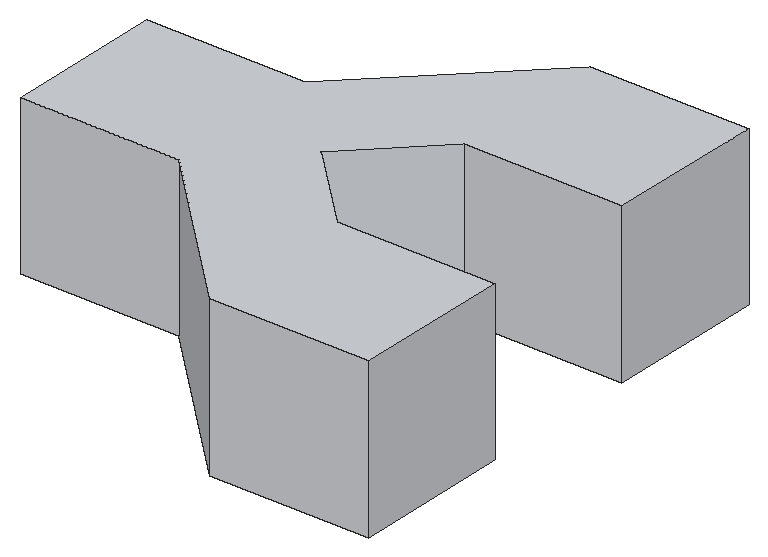
Revit family "M_Calças retangulares", category Conexões de duto, Revit 2019
Family settings
  Cota do conector redondo = Utilizar diâmetro
  Tipo de parte = Arquejamentos
  Número OmniClass = 23.75.70.14
  Título OmniClass = Air Ductwork
  ID de item do Seek = Rectangular Pants-0000-CAN-ENU
  Com base no plano de trabalho = Não
  Sempre na vertical = Sim
  Corte com vazios quando carregada = Não
  Compartilhado = Não
Parameters (values of type "Padrão")
  Largura do duto 3 [instance] = 300 mm
  Largura do duto 2 [instance] = 300 mm
  Largura do duto 1 [instance] = 300 mm
  Comprimento do duto 8 [instance] = 1.5 * Largura do duto 3  # 450 mm
  Comprimento do duto 7 [instance] = Largura do duto 3  # 300 mm
  Comprimento do duto 6 [instance] = 2 * Largura do duto 1  # 600 mm
  Comprimento do duto 5 [instance] = Comprimento do duto 2 - (Comprimento do duto 4 - Largura do duto 2) / tan(atan((Comprimento do duto 4 - Largura do duto 1 / 2) / (Comprimento do duto 2 - Comprimento do duto 1)))  # 450 mm
  Comprimento do duto 4 [instance] = 1.5 * Largura do duto 2  # 450 mm
  Comprimento do duto 3 [instance] = Largura do duto 2  # 300 mm
  Comprimento do duto 2 [instance] = 2 * Largura do duto 1  # 600 mm
  Comprimento do duto 1 [instance] = Largura do duto 1  # 300 mm
  Altura do duto [instance] = 300 mm
Reference planes
  plane 1 "Centro (Frente/Trás)": y = 0
  plane 2: z = 0
  plane 3 "Centro (Esquerda/Direita)": x = 0
  plane 4: x = 300
  plane 5: y = 150
  plane 6: y = -150
  plane 7: x = 600
  plane 8: x = 900
  plane 9: y = 450
  plane 10: y = 150
  plane 11: x = 450
  plane 12: x = 600
  plane 13: x = 900
  plane 14: y = -450
  plane 15: y = -150
  plane 16: y = 300
  plane 17: y = -300
  plane 18: z = 150
  plane 19: z = -150
Forms (mm)
  Extrusion 1, solid, detail levels medium+fine
    sketch origin (0, 0, 0) x (1, 0, 0) y (0, 1, 0)
      loop
        line (300, 150) -> (0, 150) -> (0, -150) -> (300, -150) -> (600, -450) -> (900, -450) -> (900, -150) -> (600, -150) -> (450, 0) -> (600, 150) -> (900, 150) -> (900, 450) -> (600, 450) -> (300, 150)
    from -150 to 150
Lines and regions (mm)
  model lines, detail levels coarse
    curve 1: line (300, 0, 0) -> (600, 300, 0)
    curve 2: line (300, 0, 0) -> (600, -300, 0)
    curve 3: line (600, 300, 0) -> (900, 300, 0)
    curve 4: line (600, -300, 0) -> (900, -300, 0)
    curve 5: line (0, 0, 0) -> (300, 0, 0)
Dimensions and locks
  "Comprimento do duto 1": plane 3 "Centro (Esquerda/Direita)" to plane 4
  equal spacing: plane 5, plane 1 "Centro (Frente/Trás)", plane 6
  "Largura do duto 1": plane 5 to plane 6
  "Comprimento do duto 2": plane 3 "Centro (Esquerda/Direita)" to plane 7
  "Comprimento do duto 3": plane 7 to plane 8
  "Comprimento do duto 4": plane 1 "Centro (Frente/Trás)" to plane 9
  "Largura do duto 2": plane 9 to plane 10
  "Comprimento do duto 5": plane 3 "Centro (Esquerda/Direita)" to plane 11
  "Comprimento do duto 6": plane 3 "Centro (Esquerda/Direita)" to plane 12
  "Comprimento do duto 7": plane 12 to plane 13
  "Comprimento do duto 8": plane 1 "Centro (Frente/Trás)" to plane 14
  "Largura do duto 3": plane 15 to plane 14
  equal spacing: plane 9, plane 16, plane 10
  equal spacing: plane 15, plane 17, plane 14
  equal spacing: plane 18, plane 2, plane 19
  "Altura do duto": plane 18 to plane 19
  aligned and locked: plane 5 to Extrusion 1 sketch curve
  aligned and locked: plane 4 to Extrusion 1 sketch curve  (x2)
  aligned and locked: plane 6 to Extrusion 1 sketch curve
  aligned and locked: plane 15 to Extrusion 1 sketch curve  (x2)
  aligned and locked: plane 7 to Extrusion 1 sketch curve  (x2)
  aligned and locked: plane 1 "Centro (Frente/Trás)" to Extrusion 1 sketch curve
  aligned and locked: plane 11 to Extrusion 1 sketch curve
  aligned and locked: plane 3 "Centro (Esquerda/Direita)" to Extrusion 1 sketch curve  (x2)
  aligned and locked: Extrusion 1 sketch curve to plane 5
  aligned and locked: Extrusion 1 sketch curve to plane 6
  aligned and locked: plane 12 to Extrusion 1 sketch curve  (x2)
  aligned and locked: plane 13 to Extrusion 1 sketch curve
  aligned and locked: Extrusion 1 sketch curve to plane 14
  aligned and locked: plane 14 to Extrusion 1 sketch curve
  aligned and locked: Extrusion 1 sketch curve to plane 13
  aligned and locked: plane 8 to Extrusion 1 sketch curve
  aligned and locked: Extrusion 1 sketch curve to plane 10
  aligned and locked: Extrusion 1 sketch curve to plane 9
  aligned and locked: plane 9 to Extrusion 1 sketch curve
  aligned and locked: plane 10 to Extrusion 1 sketch curve
  aligned and locked: Extrusion 1 sketch curve to plane 8
  aligned and locked: plane 7 to curve 1
  aligned and locked: plane 1 "Centro (Frente/Trás)" to curve 2
  aligned and locked: plane 4 to curve 2
  aligned and locked: plane 3 "Centro (Esquerda/Direita)" to curve 5
  aligned and locked: plane 1 "Centro (Frente/Trás)" to curve 5
  aligned and locked: plane 8 to curve 3
  aligned and locked: curve 3 to plane 16
  aligned and locked: plane 12 to curve 4
  aligned and locked: plane 13 to curve 4
  aligned and locked: curve 4 to plane 17
  aligned and locked: Extrusion 1 to plane 19
  aligned and locked: plane 18 to Extrusion 1
Connectors
  hvac at (0, 0, 0), driven by "Altura do duto", driven by "Largura do duto 1"
    settings: on Extrusion 1, index 1, duct flow 0.0 L/s, flow factor 0, pres drop 0.0 Pa, loss coef 0, conn angle 0.00°, conn width 300 mm, conn height 300 mm, conn diameter 609.6 mm, duct sys type 28, conn prof type 1, flow config 0, flow direction 0, loss method 0, conn ref index -1, conn util no, is conn primary yes, conn desc ""
  hvac at (900, 300, 0), driven by "Altura do duto", driven by "Largura do duto 2"
    settings: on Extrusion 1, index 2, duct flow 0.0 L/s, flow factor 0, pres drop 0.0 Pa, loss coef 0, conn angle 0.00°, conn width 300 mm, conn height 300 mm, conn diameter 609.6 mm, duct sys type 28, conn prof type 1, flow config 0, flow direction 0, loss method 0, conn ref index -1, conn util no, is conn primary no, conn desc ""
  hvac at (900, -300, 0), driven by "Altura do duto", driven by "Largura do duto 3"
    settings: on Extrusion 1, index 3, duct flow 0.0 L/s, flow factor 0, pres drop 0.0 Pa, loss coef 0, conn angle 0.00°, conn width 300 mm, conn height 300 mm, conn diameter 609.6 mm, duct sys type 28, conn prof type 1, flow config 0, flow direction 0, loss method 0, conn ref index -1, conn util no, is conn primary no, conn desc ""
